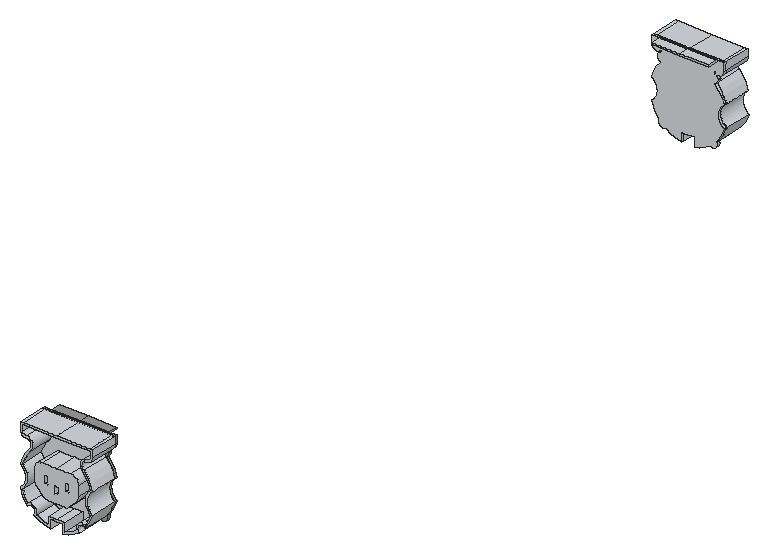
Revit family "L-trade_EASYLOCK", category Обобщенные модели, Revit 2017
Family settings
  Может служить основой для арматурных стержней = Нет
  Размер круглого соединителя = Использовать диаметр
  Тип детали = Нормальный
  На основе рабочей плоскости = Нет
  Всегда вертикально = Да
  При загрузке вырезать с полостями = Нет
  Общий = Нет
  Точка расчета площади = Нет
Parameters
  Начало выдавливания = 250 mm
  Конец выдавливания = 250 mm
Reference planes
  plane 1 "По центру (Вперед/Назад)": y = 0
  plane 2: z = 0
  plane 3 "По центру (Влево/Вправо)": x = 0
  plane 4 "Плоскость торцевой крышки 1": y = -250
  plane 5 "Плоскость торцевой крышки 2": y = 250
Forms (mm)
  Extrusion 1, solid, material "Алюминий"
    sketch origin (0.005, -250, 56.46) x (0, 0, 1) y (-1, 0, 0)
      loop
        arc (-51.859, -14.922) -> (-52.295, -16.832) -> (-51.445, -18.598) r 2.966
        arc (-51.445, -18.598) -> (-49.77, -19.436) -> (-47.926, -19.104) r 2.966
        arc (-47.926, -19.104) -> (-43.611, -22.034) -> (-38.782, -24.005) r 25
        arc (-38.782, -24.005) -> (-31.8, -20.15) -> (-24.818, -24.005) r 8.25
        arc (-24.818, -24.005) -> (-19.12, -21.546) -> (-14.203, -17.758) r 25
        arc (-14.203, -17.758) -> (-13.134, -19.374) -> (-11.3, -20) r 3
        arc (-11.3, -20) -> (-9.575, -19.455) -> (-8.478, -18.017) r 3
        arc (-8.478, -18.017) -> (-8.368, -17.633) -> (-8.309, -17.238) r 3
        arc (-8.309, -17.238) -> (-7.795, -17.566) -> (-7.268, -17.872) r 15
        arc (-7.268, -17.872) -> (-8.16, -21.6) -> (-5, -23.771) r 3.385
        line (-5, -23.771) -> (0, -23.771) -> (0, -21.96) -> (0, -18.959) -> (0, 18.959) -> (0, 21.96) -> (0, 23.771) -> (-5, 23.771)
        arc (-5, 23.771) -> (-8.16, 21.6) -> (-7.268, 17.872) r 3.385
        arc (-7.268, 17.872) -> (-7.795, 17.566) -> (-8.309, 17.238) r 15
        arc (-8.309, 17.238) -> (-8.368, 17.633) -> (-8.478, 18.017) r 3
        arc (-8.478, 18.017) -> (-9.575, 19.455) -> (-11.3, 20) r 3
        arc (-11.3, 20) -> (-13.134, 19.374) -> (-14.203, 17.758) r 3
        arc (-14.203, 17.758) -> (-19.12, 21.546) -> (-24.818, 24.005) r 25
        arc (-24.818, 24.005) -> (-31.8, 20.15) -> (-38.782, 24.005) r 8.25
        arc (-38.782, 24.005) -> (-43.611, 22.034) -> (-47.926, 19.104) r 25
        arc (-47.926, 19.104) -> (-49.77, 19.436) -> (-51.445, 18.598) r 2.966
        arc (-51.445, 18.598) -> (-52.295, 16.832) -> (-51.859, 14.922) r 2.966
        arc (-51.859, 14.922) -> (-54.803, 9.791) -> (-56.46, 4.112) r 25
        line (-56.46, 4.112) -> (-50.7, 4.112) -> (-50.7, 0) -> (-50.7, -4.112) -> (-56.46, -4.112)
        arc (-56.46, -4.112) -> (-54.803, -9.791) -> (-51.859, -14.922) r 25
    from 0 to 1.5
  Extrusion 2, solid, material "Алюминий"
    sketch origin (0.005, -250, 56.46) x (0, 0, -1) y (-1, 0, 0)
      loop
        line (1, 0) -> (1, 18.8) -> (0, 18.8) -> (0, 0) -> (0, -18.8) -> (1, -18.8) -> (1, 0)
    from 0 to 6.5
  Extrusion 3, solid
    sketch origin (0.005, -251.5, 56.46) x (0, 0, 1) y (-1, 0, 0)
      loop
        line (-50.7, 4.112) -> (-50.7, 0) -> (-50.7, -4.112) -> (-56.46, -4.112)
        arc (-56.46, -4.112) -> (-54.803, -9.791) -> (-51.859, -14.922) r 25
        arc (-51.859, -14.922) -> (-47.801, -15.046) -> (-47.926, -19.104) r 2.87
        arc (-47.926, -19.104) -> (-43.611, -22.034) -> (-38.782, -24.005) r 25
        arc (-38.782, -24.005) -> (-31.8, -20.15) -> (-24.818, -24.005) r 8.25
        arc (-24.818, -24.005) -> (-19.12, -21.546) -> (-14.203, -17.758) r 25
        arc (-14.203, -17.758) -> (-10.39, -17.071) -> (-8.385, -20.385) r 3.418
        arc (-8.385, -20.385) -> (-7.394, -22.779) -> (-5, -23.771) r 3.385
        line (-5, -23.771) -> (0, -23.771) -> (0, -21.96) -> (0, 0) -> (0, 21.96) -> (0, 23.771) -> (-5, 23.771)
        arc (-5, 23.771) -> (-7.394, 22.779) -> (-8.385, 20.385) r 3.385
        arc (-8.385, 20.385) -> (-10.39, 17.071) -> (-14.203, 17.758) r 3.418
        arc (-14.203, 17.758) -> (-19.12, 21.546) -> (-24.818, 24.005) r 25
        arc (-24.818, 24.005) -> (-31.8, 20.15) -> (-38.782, 24.005) r 8.25
        arc (-38.782, 24.005) -> (-43.611, 22.034) -> (-47.926, 19.104) r 25
        arc (-47.926, 19.104) -> (-47.801, 15.046) -> (-51.859, 14.922) r 2.87
        arc (-51.859, 14.922) -> (-54.803, 9.791) -> (-56.46, 4.112) r 25
        line (-56.46, 4.112) -> (-50.7, 4.112)
    from 0 to 18
  Extrusion 4, void
    sketch origin (0.005, -269.5, 56.46) x (0, 0, -1) y (-1, 0, 0)
      loop
        line (49.5, -5.312) -> (49.5, 0) -> (49.5, 5.312) -> (55, 5.312)
        arc (55, 5.312) -> (53.639, 9.461) -> (51.543, 13.292) r 23.8
        arc (51.543, 13.292) -> (46.927, 14.224) -> (46.28, 18.888) r 4.07
        arc (46.28, 18.888) -> (42.926, 21.039) -> (39.261, 22.6) r 23.8
        arc (39.261, 22.6) -> (31.8, 18.95) -> (24.339, 22.6) r 9.45
        arc (24.339, 22.6) -> (19.363, 20.292) -> (15.047, 16.905) r 23.8
        arc (15.047, 16.905) -> (9.915, 15.969) -> (7.185, 20.414) r 4.618
        arc (7.185, 20.414) -> (6.535, 21.941) -> (5, 22.571) r 2.185
        line (5, 22.571) -> (1.2, 22.571) -> (1.2, 0) -> (1.2, -22.571) -> (5, -22.571)
        arc (5, -22.571) -> (6.535, -21.941) -> (7.185, -20.414) r 2.185
        arc (7.185, -20.414) -> (9.915, -15.969) -> (15.047, -16.905) r 4.618
        arc (15.047, -16.905) -> (19.363, -20.292) -> (24.339, -22.6) r 23.8
        arc (24.339, -22.6) -> (31.8, -18.95) -> (39.261, -22.6) r 9.45
        arc (39.261, -22.6) -> (42.926, -21.039) -> (46.28, -18.888) r 23.8
        arc (46.28, -18.888) -> (46.927, -14.224) -> (51.543, -13.292) r 4.07
        arc (51.543, -13.292) -> (53.639, -9.461) -> (55, -5.312) r 23.8
        line (55, -5.312) -> (49.5, -5.312)
      loop
        line (19.3, 0) -> (19.3, -9.4)
        arc (19.3, -9.4) -> (20.764, -12.936) -> (24.3, -14.4) r 5
        line (24.3, -14.4) -> (31.139, -14.4)
        arc (31.139, -14.4) -> (32.868, -14.056) -> (34.334, -13.077) r 4.518
        line (34.334, -13.077) -> (38.98, -8.43)
        arc (38.98, -8.43) -> (39.957, -6.968) -> (40.3, -5.244) r 4.506
        line (40.3, -5.244) -> (40.3, 0) -> (40.3, 5.244)
        arc (40.3, 5.244) -> (39.957, 6.968) -> (38.98, 8.43) r 4.506
        line (38.98, 8.43) -> (34.334, 13.077)
        arc (34.334, 13.077) -> (32.868, 14.056) -> (31.139, 14.4) r 4.518
        line (31.139, 14.4) -> (24.3, 14.4)
        arc (24.3, 14.4) -> (20.764, 12.936) -> (19.3, 9.4) r 5
        line (19.3, 9.4) -> (19.3, 0)
      loop
        line (30.74, -5.675) -> (25.74, -5.675) -> (25.74, -8.131) -> (30.74, -8.131) -> (30.74, -5.675)
      loop
        line (34.777, -1.203) -> (34.777, 1.253) -> (29.777, 1.253) -> (29.777, -1.203) -> (34.777, -1.203)
      loop
        line (30.74, 5.725) -> (30.74, 8.181) -> (25.74, 8.181) -> (25.74, 5.725) -> (30.74, 5.725)
    from 0 to 15
  Extrusion 5, solid
    sketch origin (0.005, 251.5, 56.46) x (0, 0, -1) y (-1, 0, 0)
      loop
        line (50.7, 4.112) -> (56.46, 4.112)
        arc (56.46, 4.112) -> (54.803, 9.791) -> (51.859, 14.922) r 25
        arc (51.859, 14.922) -> (47.801, 15.046) -> (47.926, 19.104) r 2.87
        arc (47.926, 19.104) -> (43.611, 22.034) -> (38.782, 24.005) r 25
        arc (38.782, 24.005) -> (31.8, 20.15) -> (24.818, 24.005) r 8.25
        arc (24.818, 24.005) -> (19.12, 21.546) -> (14.203, 17.758) r 25
        arc (14.203, 17.758) -> (10.39, 17.071) -> (8.385, 20.385) r 3.418
        arc (8.385, 20.385) -> (7.394, 22.779) -> (5, 23.771) r 3.385
        line (5, 23.771) -> (0, 23.771) -> (0, 21.96) -> (0, 0) -> (0, -21.96) -> (0, -23.771) -> (5, -23.771)
        arc (5, -23.771) -> (7.394, -22.779) -> (8.385, -20.385) r 3.385
        arc (8.385, -20.385) -> (10.39, -17.071) -> (14.203, -17.758) r 3.418
        arc (14.203, -17.758) -> (19.12, -21.546) -> (24.818, -24.005) r 25
        arc (24.818, -24.005) -> (31.8, -20.15) -> (38.782, -24.005) r 8.25
        arc (38.782, -24.005) -> (43.611, -22.034) -> (47.926, -19.104) r 25
        arc (47.926, -19.104) -> (47.801, -15.046) -> (51.859, -14.922) r 2.87
        arc (51.859, -14.922) -> (54.803, -9.791) -> (56.46, -4.112) r 25
        line (56.46, -4.112) -> (50.7, -4.112) -> (50.7, 0) -> (50.7, 4.112)
    from 0 to 18
  Extrusion 6, void
    sketch origin (0.005, 269.5, 56.46) x (0, 0, 1) y (-1, 0, 0)
      loop
        line (-49.5, -5.312) -> (-55, -5.312)
        arc (-55, -5.312) -> (-53.639, -9.461) -> (-51.543, -13.292) r 23.8
        arc (-51.543, -13.292) -> (-46.927, -14.224) -> (-46.28, -18.888) r 4.07
        arc (-46.28, -18.888) -> (-42.926, -21.039) -> (-39.261, -22.6) r 23.8
        arc (-39.261, -22.6) -> (-31.8, -18.95) -> (-24.339, -22.6) r 9.45
        arc (-24.339, -22.6) -> (-19.363, -20.292) -> (-15.047, -16.905) r 23.8
        arc (-15.047, -16.905) -> (-9.915, -15.969) -> (-7.185, -20.414) r 4.618
        arc (-7.185, -20.414) -> (-6.535, -21.941) -> (-5, -22.571) r 2.185
        line (-5, -22.571) -> (-1.2, -22.571) -> (-1.2, 0) -> (-1.2, 22.571) -> (-5, 22.571)
        arc (-5, 22.571) -> (-6.535, 21.941) -> (-7.185, 20.414) r 2.185
        arc (-7.185, 20.414) -> (-9.915, 15.969) -> (-15.047, 16.905) r 4.618
        arc (-15.047, 16.905) -> (-19.363, 20.292) -> (-24.339, 22.6) r 23.8
        arc (-24.339, 22.6) -> (-31.8, 18.95) -> (-39.261, 22.6) r 9.45
        arc (-39.261, 22.6) -> (-42.926, 21.039) -> (-46.28, 18.888) r 23.8
        arc (-46.28, 18.888) -> (-46.927, 14.224) -> (-51.543, 13.292) r 4.07
        arc (-51.543, 13.292) -> (-53.639, 9.461) -> (-55, 5.312) r 23.8
        line (-55, 5.312) -> (-49.5, 5.312) -> (-49.5, 0) -> (-49.5, -5.312)
      loop
        line (-19.3, 0) -> (-19.3, 9.4)
        arc (-19.3, 9.4) -> (-20.764, 12.936) -> (-24.3, 14.4) r 5
        line (-24.3, 14.4) -> (-31.139, 14.4)
        arc (-31.139, 14.4) -> (-32.868, 14.056) -> (-34.334, 13.077) r 4.518
        line (-34.334, 13.077) -> (-38.98, 8.43)
        arc (-38.98, 8.43) -> (-39.957, 6.968) -> (-40.3, 5.244) r 4.506
        line (-40.3, 5.244) -> (-40.3, 0) -> (-40.3, -5.244)
        arc (-40.3, -5.244) -> (-39.957, -6.968) -> (-38.98, -8.43) r 4.506
        line (-38.98, -8.43) -> (-34.334, -13.077)
        arc (-34.334, -13.077) -> (-32.868, -14.056) -> (-31.139, -14.4) r 4.518
        line (-31.139, -14.4) -> (-24.3, -14.4)
        arc (-24.3, -14.4) -> (-20.764, -12.936) -> (-19.3, -9.4) r 5
        line (-19.3, -9.4) -> (-19.3, 0)
      loop
        line (-30.74, -5.675) -> (-30.74, -8.131) -> (-25.74, -8.131) -> (-25.74, -5.675) -> (-30.74, -5.675)
      loop
        line (-34.777, -1.203) -> (-29.777, -1.203) -> (-29.777, 1.253) -> (-34.777, 1.253) -> (-34.777, -1.203)
      loop
        line (-30.74, 5.725) -> (-25.74, 5.725) -> (-25.74, 8.181) -> (-30.74, 8.181) -> (-30.74, 5.725)
      loop
        arc (-37.566, 7.016) -> (-38.109, 6.203) -> (-38.3, 5.244) r 2.506
        line (-38.3, 5.244) -> (-38.3, 0) -> (-38.3, -5.244)
        arc (-38.3, -5.244) -> (-38.109, -6.203) -> (-37.566, -7.016) r 2.506
        line (-37.566, -7.016) -> (-32.92, -11.662)
        arc (-32.92, -11.662) -> (-32.103, -12.208) -> (-31.139, -12.4) r 2.518
        line (-31.139, -12.4) -> (-24.3, -12.4)
        arc (-24.3, -12.4) -> (-22.179, -11.521) -> (-21.3, -9.4) r 3
        line (-21.3, -9.4) -> (-21.3, 0) -> (-21.3, 9.4)
        arc (-21.3, 9.4) -> (-22.179, 11.521) -> (-24.3, 12.4) r 3
        line (-24.3, 12.4) -> (-31.139, 12.4)
        arc (-31.139, 12.4) -> (-32.103, 12.208) -> (-32.92, 11.662) r 2.518
        line (-32.92, 11.662) -> (-37.566, 7.016)
    from 0 to 15
  Extrusion 7, solid
    sketch origin (0.005, 250, 56.46) x (0, 0, 1) y (-1, 0, 0)
      loop
        arc (-51.859, -14.916) -> (-52.295, -16.827) -> (-51.445, -18.593) r 2.966
        arc (-51.445, -18.593) -> (-49.77, -19.431) -> (-47.926, -19.099) r 2.966
        arc (-47.926, -19.099) -> (-43.611, -22.029) -> (-38.782, -24) r 25
        arc (-38.782, -24) -> (-31.8, -20.145) -> (-24.818, -24) r 8.25
        arc (-24.818, -24) -> (-19.12, -21.541) -> (-14.203, -17.753) r 25
        arc (-14.203, -17.753) -> (-13.134, -19.369) -> (-11.3, -19.995) r 3
        arc (-11.3, -19.995) -> (-9.575, -19.45) -> (-8.478, -18.012) r 3
        arc (-8.478, -18.012) -> (-8.368, -17.628) -> (-8.309, -17.233) r 3
        arc (-8.309, -17.233) -> (-7.795, -17.561) -> (-7.268, -17.867) r 15
        arc (-7.268, -17.867) -> (-8.16, -21.595) -> (-5, -23.766) r 3.385
        line (-5, -23.766) -> (0, -23.766) -> (0, -21.955) -> (0, -18.954) -> (0, 18.964) -> (0, 21.965) -> (0, 23.776) -> (-5, 23.776)
        arc (-5, 23.776) -> (-8.16, 21.605) -> (-7.268, 17.877) r 3.385
        arc (-7.268, 17.877) -> (-7.795, 17.571) -> (-8.309, 17.243) r 15
        arc (-8.309, 17.243) -> (-8.368, 17.638) -> (-8.478, 18.022) r 3
        arc (-8.478, 18.022) -> (-9.575, 19.46) -> (-11.3, 20.005) r 3
        arc (-11.3, 20.005) -> (-13.134, 19.379) -> (-14.203, 17.763) r 3
        arc (-14.203, 17.763) -> (-19.12, 21.551) -> (-24.818, 24.01) r 25
        arc (-24.818, 24.01) -> (-31.8, 20.155) -> (-38.782, 24.01) r 8.25
        arc (-38.782, 24.01) -> (-43.611, 22.039) -> (-47.926, 19.109) r 25
        arc (-47.926, 19.109) -> (-49.77, 19.441) -> (-51.445, 18.603) r 2.966
        arc (-51.445, 18.603) -> (-52.295, 16.837) -> (-51.859, 14.927) r 2.966
        arc (-51.859, 14.927) -> (-54.803, 9.796) -> (-56.46, 4.117) r 25
        line (-56.46, 4.117) -> (-50.7, 4.117) -> (-50.7, 0.005) -> (-50.7, -4.107) -> (-56.46, -4.107)
        arc (-56.46, -4.107) -> (-54.803, -9.786) -> (-51.859, -14.916) r 25
    from 0 to -1.5
  Extrusion 8, solid
    sketch origin (0.005, 250, 56.46) x (0, 0, 1) y (-1, 0, 0)
      loop
        line (-1, 0) -> (-1, -18.8) -> (0, -18.8) -> (0, 0) -> (0, 18.8) -> (-1, 18.8) -> (-1, 0)
    from 0 to 6.5
Cuts and joins
  Extrusion 4, Extrusion 6 cuts Extrusion 3
  Extrusion 6 cuts Extrusion 5
Dimensions and locks
  "Начало выдавливания": plane 4 "Плоскость торцевой крышки 1" to plane 1 "По центру (Вперед/Назад)"
  "Конец выдавливания": plane 1 "По центру (Вперед/Назад)" to plane 5 "Плоскость торцевой крышки 2"
  aligned and locked: level to plane 2
Automatic sketch dimensions
  Extrusion 1 sketch curve to Extrusion 1 sketch curve = 0 mm  (x47)
  Extrusion 1 sketch curve to level = 0 mm  (x2)
  plane 3 "По центру (Влево/Вправо)" to Extrusion 1 sketch curve = 0.005 mm  (x2)
  level to Extrusion 1 sketch curve = 5.76 mm
  level to Extrusion 1 sketch curve = 7.112 mm  (x2)
  Extrusion 1 sketch curve to Extrusion 1 sketch curve = 18.9 mm
  Extrusion 1 sketch curve to Extrusion 1 sketch curve = 17.547 mm  (x2)
  Extrusion 1 sketch curve to Extrusion 1 sketch curve = 20.5 mm  (x2)
  Extrusion 1 sketch curve to Extrusion 1 sketch curve = 6.3 mm  (x2)
  plane 3 "По центру (Влево/Вправо)" to Extrusion 1 sketch curve = 4.755 mm
  Extrusion 1 sketch curve to Extrusion 1 sketch curve = 5 mm  (x2)
  Extrusion 1 sketch curve to plane 3 "По центру (Влево/Вправо)" = 4.745 mm
  plane 3 "По центру (Влево/Вправо)" to Extrusion 1 sketch curve = 16.505 mm
  Extrusion 1 sketch curve to Extrusion 1 sketch curve = 12.25 mm  (x2)
  Extrusion 1 sketch curve to Extrusion 1 sketch curve = 1.959 mm  (x2)
  Extrusion 1 sketch curve to Extrusion 1 sketch curve = 1.426 mm  (x2)
  Extrusion 1 sketch curve to Extrusion 1 sketch curve = 3.001 mm  (x2)
  Extrusion 1 sketch curve to Extrusion 1 sketch curve = 1.81 mm  (x2)
  Extrusion 1 sketch curve to Extrusion 1 sketch curve = 11.9 mm  (x2)
  Extrusion 1 sketch curve to Extrusion 1 sketch curve = 4.112 mm
  Extrusion 1 sketch curve to plane 3 "По центру (Влево/Вправо)" = 4.107 mm
  Extrusion 1 sketch curve to Extrusion 1 sketch curve = 12.388 mm
  Extrusion 1 sketch curve to Extrusion 1 sketch curve = 2.511 mm  (x2)
  Extrusion 1 sketch curve to Extrusion 1 sketch curve = 2.098 mm  (x2)
  Extrusion 1 sketch curve to Extrusion 1 sketch curve = 1.421 mm  (x2)
  Extrusion 1 sketch curve to Extrusion 1 sketch curve = 6.982 mm  (x4)
  Extrusion 1 sketch curve to Extrusion 1 sketch curve = 2.903 mm  (x2)
  Extrusion 1 sketch curve to Extrusion 1 sketch curve = 2.822 mm  (x2)
  Extrusion 1 sketch curve to Extrusion 1 sketch curve = 0.168 mm  (x2)
  Extrusion 2 sketch curve to Extrusion 1 = 0 mm
  Extrusion 2 sketch curve to Extrusion 2 sketch curve = 1 mm
  Extrusion 2 sketch curve to Extrusion 1 = 4.971 mm  (x2)
  Extrusion 1 to Extrusion 2 sketch curve = 4.112 mm
  Extrusion 2 sketch curve to Extrusion 2 sketch curve = 0 mm
  Extrusion 3 sketch curve to Extrusion 1 = 0 mm  (x3)
  Extrusion 1 to Extrusion 3 sketch curve = 0 mm
  Extrusion 3 sketch curve to Extrusion 1 = 0.808 mm  (x2)
  Extrusion 3 sketch curve to Extrusion 3 sketch curve = 3.412 mm  (x2)
  Extrusion 3 sketch curve to Extrusion 1 = 1.81 mm
  Extrusion 3 sketch curve to Extrusion 3 sketch curve = 0.2 mm  (x2)
  Extrusion 3 sketch curve to Extrusion 1 = 6.758 mm  (x2)
  Extrusion 3 sketch curve to Extrusion 3 sketch curve = 4.112 mm
  Extrusion 1 to Extrusion 3 sketch curve = 4.112 mm
  Extrusion 3 sketch curve to Extrusion 3 sketch curve = 1.81 mm
  Extrusion 1 to Extrusion 3 sketch curve = 1.159 mm  (x2)
  Extrusion 3 to Extrusion 4 sketch curve = 1.2 mm  (x4)
  Extrusion 4 sketch curve to Extrusion 4 sketch curve = 4.253 mm
  Extrusion 4 sketch curve to Extrusion 4 sketch curve = 5 mm  (x4)
  Extrusion 3 to Extrusion 4 sketch curve = 1.613 mm
  Extrusion 4 sketch curve to Extrusion 4 sketch curve = 1.44 mm  (x2)
  Extrusion 3 to Extrusion 4 sketch curve = 1.563 mm
  Extrusion 4 sketch curve to Extrusion 4 sketch curve = 2.023 mm
  Extrusion 4 sketch curve to Extrusion 4 sketch curve = 0.399 mm  (x2)
  Extrusion 3 to Extrusion 4 sketch curve = 8.965 mm  (x2)
  Extrusion 4 sketch curve to Extrusion 4 sketch curve = 3.195 mm  (x2)
  Extrusion 4 sketch curve to Extrusion 4 sketch curve = 2.977 mm
  Extrusion 3 to Extrusion 4 sketch curve = 1.132 mm  (x2)
  Extrusion 4 sketch curve to Extrusion 4 sketch curve = 1.017 mm  (x2)
  Extrusion 3 to Extrusion 4 sketch curve = 4.318 mm  (x2)
  Extrusion 4 sketch curve to Extrusion 4 sketch curve = 3.186 mm
  Extrusion 4 sketch curve to Extrusion 4 sketch curve = 8.2 mm
  Extrusion 4 sketch curve to Extrusion 4 sketch curve = 1.75 mm
  Extrusion 4 sketch curve to Extrusion 3 = 2.909 mm
  Extrusion 4 sketch curve to Extrusion 3 = 4.112 mm  (x4)
  Extrusion 4 sketch curve to Extrusion 4 sketch curve = 2.456 mm  (x2)
  Extrusion 3 to Extrusion 4 sketch curve = 5.288 mm
  Extrusion 6 sketch curve to Extrusion 6 sketch curve = 0 mm  (x14)
  Extrusion 5 to Extrusion 6 sketch curve = 1.2 mm  (x4)
  Extrusion 6 sketch curve to Extrusion 6 sketch curve = 8.5 mm
  Extrusion 5 to Extrusion 6 sketch curve = 4.318 mm  (x2)
  Extrusion 6 sketch curve to Extrusion 6 sketch curve = 1.32 mm  (x2)
  Extrusion 6 sketch curve to Extrusion 6 sketch curve = 2 mm
  Extrusion 5 to Extrusion 6 sketch curve = 2.904 mm  (x2)
  Extrusion 5 to Extrusion 6 sketch curve = 1.132 mm  (x2)
  Extrusion 6 sketch curve to Extrusion 6 sketch curve = 2.977 mm
  Extrusion 5 to Extrusion 6 sketch curve = 8.965 mm  (x2)
  Extrusion 6 sketch curve to Extrusion 6 sketch curve = 4.646 mm  (x2)
  Extrusion 5 to Extrusion 6 sketch curve = 7.55 mm  (x2)
  Extrusion 6 sketch curve to Extrusion 6 sketch curve = 1.414 mm
  Extrusion 6 sketch curve to Extrusion 6 sketch curve = 1.781 mm  (x2)
  Extrusion 5 to Extrusion 6 sketch curve = 1.563 mm
  Extrusion 6 sketch curve to Extrusion 6 sketch curve = 0.399 mm  (x2)
  Extrusion 5 to Extrusion 6 sketch curve = 1.613 mm
  Extrusion 6 sketch curve to Extrusion 6 sketch curve = 2.023 mm
  Extrusion 6 sketch curve to Extrusion 6 sketch curve = 5 mm  (x2)
  Extrusion 6 sketch curve to Extrusion 6 sketch curve = 1.44 mm  (x2)
  Extrusion 6 sketch curve to Extrusion 6 sketch curve = 3 mm
  Extrusion 6 sketch curve to Extrusion 6 sketch curve = 2.738 mm
  Extrusion 6 sketch curve to Extrusion 6 sketch curve = 1.75 mm
  Extrusion 6 sketch curve to Extrusion 6 sketch curve = 1.203 mm  (x2)
  Extrusion 6 sketch curve to Extrusion 5 = 4.112 mm  (x3)
  Extrusion 6 sketch curve to Extrusion 6 sketch curve = 1.253 mm
  Extrusion 6 sketch curve to Extrusion 6 sketch curve = 2.456 mm
  Extrusion 6 sketch curve to Extrusion 6 sketch curve = 1.219 mm
  Extrusion 7 sketch curve to Extrusion 7 sketch curve = 0 mm  (x47)
  Extrusion 7 sketch curve to level = 0 mm  (x2)
  Extrusion 7 sketch curve to plane 3 "По центру (Влево/Вправо)" = 0 mm  (x2)
  level to Extrusion 7 sketch curve = 5.76 mm
  level to Extrusion 7 sketch curve = 7.112 mm  (x2)
  Extrusion 7 sketch curve to Extrusion 7 sketch curve = 18.9 mm
  Extrusion 7 sketch curve to Extrusion 7 sketch curve = 17.547 mm  (x2)
  Extrusion 7 sketch curve to Extrusion 7 sketch curve = 20.5 mm  (x2)
  Extrusion 7 sketch curve to Extrusion 7 sketch curve = 6.3 mm  (x2)
  plane 3 "По центру (Влево/Вправо)" to Extrusion 7 sketch curve = 4.75 mm
  Extrusion 7 sketch curve to Extrusion 7 sketch curve = 5 mm  (x2)
  Extrusion 7 sketch curve to plane 3 "По центру (Влево/Вправо)" = 4.75 mm
  plane 3 "По центру (Влево/Вправо)" to Extrusion 7 sketch curve = 16.5 mm
  Extrusion 7 sketch curve to Extrusion 7 sketch curve = 12.25 mm  (x2)
  Extrusion 7 sketch curve to Extrusion 7 sketch curve = 1.959 mm  (x2)
  Extrusion 7 sketch curve to Extrusion 7 sketch curve = 1.426 mm  (x2)
  Extrusion 7 sketch curve to Extrusion 7 sketch curve = 3.001 mm  (x2)
  Extrusion 7 sketch curve to Extrusion 7 sketch curve = 1.81 mm  (x2)
  Extrusion 7 sketch curve to Extrusion 7 sketch curve = 11.9 mm  (x2)
  plane 3 "По центру (Влево/Вправо)" to Extrusion 7 sketch curve = 4.112 mm
  Extrusion 7 sketch curve to Extrusion 7 sketch curve = 4.112 mm
  Extrusion 7 sketch curve to Extrusion 7 sketch curve = 12.388 mm
  Extrusion 7 sketch curve to Extrusion 7 sketch curve = 2.511 mm  (x2)
  Extrusion 7 sketch curve to Extrusion 7 sketch curve = 2.098 mm  (x2)
  Extrusion 7 sketch curve to Extrusion 7 sketch curve = 1.421 mm  (x2)
  Extrusion 7 sketch curve to Extrusion 7 sketch curve = 6.982 mm  (x4)
  Extrusion 7 sketch curve to Extrusion 7 sketch curve = 2.903 mm  (x2)
  Extrusion 7 sketch curve to Extrusion 7 sketch curve = 2.822 mm  (x2)
  Extrusion 7 sketch curve to Extrusion 7 sketch curve = 0.168 mm  (x2)
  Extrusion 5 sketch curve to Extrusion 5 sketch curve = 0 mm  (x30)
  Extrusion 5 sketch curve to Extrusion 7 = 0 mm  (x2)
  Extrusion 7 to Extrusion 5 sketch curve = 0.005 mm  (x2)
  Extrusion 5 sketch curve to Extrusion 5 sketch curve = 5.76 mm  (x2)
  Extrusion 5 sketch curve to Extrusion 7 = 0.005 mm  (x2)
  Extrusion 7 to Extrusion 5 sketch curve = 0.808 mm  (x2)
  Extrusion 5 sketch curve to Extrusion 7 = 4.634 mm
  Extrusion 7 to Extrusion 5 sketch curve = 18.9 mm  (x3)
  Extrusion 5 sketch curve to Extrusion 7 = 4.107 mm  (x3)
  Extrusion 5 sketch curve to Extrusion 7 = 4.624 mm
  Extrusion 7 to Extrusion 5 sketch curve = 3.591 mm
  Extrusion 7 to Extrusion 5 sketch curve = 11.797 mm  (x2)
  Extrusion 7 to Extrusion 5 sketch curve = 3.581 mm
  Extrusion 5 sketch curve to Extrusion 5 sketch curve = 5 mm  (x2)
  Extrusion 7 to Extrusion 5 sketch curve = 1.805 mm
  Extrusion 7 to Extrusion 5 sketch curve = 3.38 mm
  Extrusion 7 to Extrusion 5 sketch curve = 6.753 mm
  Extrusion 7 to Extrusion 5 sketch curve = 6.763 mm
  Extrusion 5 sketch curve to Extrusion 5 sketch curve = 3.385 mm
  Extrusion 5 sketch curve to Extrusion 5 sketch curve = 1.81 mm
  Extrusion 5 sketch curve to Extrusion 7 = 1.159 mm  (x2)
  Extrusion 7 to Extrusion 5 sketch curve = 2.774 mm  (x2)
  Extrusion 5 sketch curve to Extrusion 7 = 0.23 mm  (x2)
  Extrusion 5 sketch curve to Extrusion 7 = 0.24 mm  (x2)
  Extrusion 8 sketch curve to Extrusion 7 = 0 mm
  Extrusion 8 sketch curve to Extrusion 7 = 1 mm
  Extrusion 8 sketch curve to Extrusion 7 = 4.966 mm
  Extrusion 7 to Extrusion 8 sketch curve = 4.107 mm
  Extrusion 8 sketch curve to Extrusion 8 sketch curve = 0 mm
  Extrusion 8 sketch curve to Extrusion 7 = 4.976 mm
  radius of Extrusion 3 sketch curve to Extrusion 1 = 0 mm  (x10)
  radius of Extrusion 4 sketch curve to Extrusion 3 = 1.2 mm  (x8)
  radius of Extrusion 3 to Extrusion 4 sketch curve = 1.2 mm  (x6)
  radius of Extrusion 6 sketch curve to Extrusion 5 = 1.2 mm  (x8)
  radius of Extrusion 5 to Extrusion 6 sketch curve = 1.2 mm  (x6)
